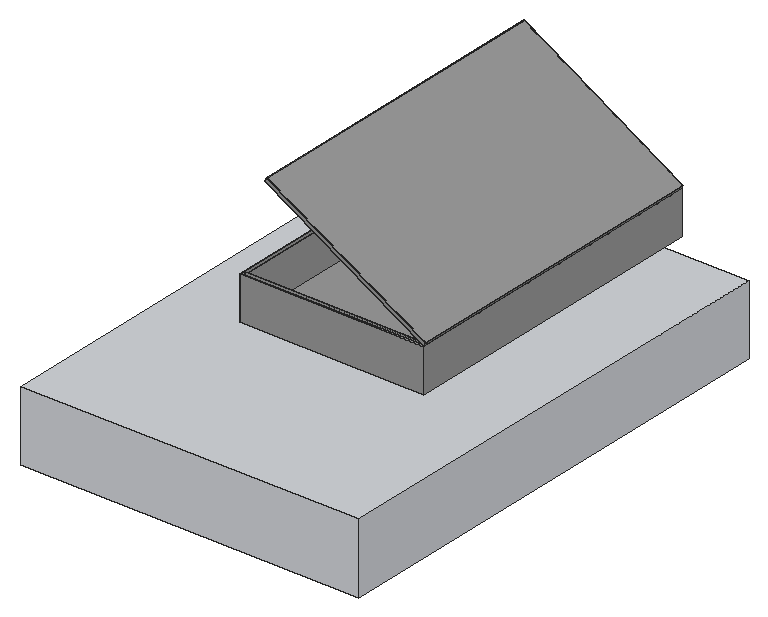
Revit family "Hager-Univers-IP44-D205-H1400-Cl.I-Encl-PL-en", category Equipement électrique, Revit 2020
Family settings
  Hôte = Face
  Configuration du panneau = Deux colonnes, circuits au sein
  Cote de connecteur circulaire = Utiliser le diamètre
  Type d'élément = Tableau de raccordement
  Couper avec des vides une fois chargée = Non
  Partagée = Non
  Point de calcul de pièce = Non
Parameters (values of type "Surface mounted (plaster) IP44 W800 H1400 D205  - FP93TN2")
  Width Control [instance] = if([EF000008 - Width] > Min Width, [EF000008 - Width], Min Width)  # 800 mm
  Commentaires du type = [HG000003 - Range]  # "Univers"
  Thickness Door [instance] = if([EF009171 - Material plate thickness door/cover] > 3 mm, 3 mm, [EF009171 - Material plate thickness door/cover])  # 1 mm
  Seal Frame Offset [instance] = 17 mm  # constant formula
  Plinth Visibility [instance] = [HG000027 - Plinth height] > 0 mm  # no
  Model = ""
  Min Width [instance] = 100 mm  # constant formula
  Min Height [instance] = 100 mm  # constant formula
  Min Depth [instance] = (2 * [EF009170 - Material plate thickness cabinet]) + 1 mm  # 3 mm
  Internal Frame Depth [instance] = (Door System Depth * 0.5)  # 9 mm
  Height Control [instance] = if([EF000040 - Height] > Min Height, [EF000040 - Height], Min Height)  # 1400 mm
  HG000027 - Plinth height = 0 mm
  HG000026 - Floor standing = no
  HG000024 - Bottom section height = 800 mm
  HG000023 - Double section enclosure = no
  HG000016 - Door 3d visibility [instance] = yes
  HG000015 - Clearance visibility [instance] = no
  HG000014 - Door on the right [instance] = yes
  HG000013 - Door on the left [instance] = not([HG000014 - Door on the right])  # no
  HG000012 - Door swing angle [instance] = 30.00°
  HG000010 - Asymmetric doors = no
  HG000009 - Double swing door = no
  HG000006 - Flush mounted = no
  HG000004 - Manufacturer reference = "FP93TN2"
  HG000003 - Range = "Univers"
  HG000002 - With door or cover = yes
  Frame Offset Bottom [instance] = 10 mm  # constant formula
  Frame Offset [instance] = 15 mm  # constant formula
  EF015940 - Cover with overpressure release = no
  EF011959 - Degree of protection (NEMA) = ""
  EF009554 - Number of openings for flange plates = 6
  EF009212 - Cover model = "EV000116 - Closed"
  EF009171 - Material plate thickness door/cover = 1 mm
  EF009170 - Material plate thickness cabinet = 1 mm
  Fabricant = "Hager"  # constant formula
  EF008873 - Nominal current (In) = 250 A
  EF007800 - Suitable for lightning protection = no
  EF006306 - With lock = no
  EF006244 - Transparent cover/door = no
  EF005474 - Degree of protection (IP) = "EV006418 - IP44"
  EF004464 - Type of door = "EV002646 - Single"
  EF004427 - Number of modules = 324
  EF004293 - Impact strength = "EV006815 - IK09"
  EF003532 - Suitable for outdoor use = no
  EF002950 - Width in number of modular spacings = 36
  EF001613 - Circuit integrity = "EV000494 - None"
  EF001596 - Material housing = "EV000179 - Steel"
  EF001131 - Internal depth = 130 mm
  EF001088 - Extension possible = yes
  EF000437 - Number of conduit inlets = 6
  EF000339 - Type of cover = "EV001012 - Cover"
  EF000266 - Number of rows = 9
  EF000218 - Built-in depth = 205 mm
  EF000118 - With mounting plate = no
  EF000116 - RAL-number = "9010"
  EF000049 - Depth = 205 mm
  EF000040 - Height = 1400 mm
  EF000008 - Width = 800 mm
  EF000007 - Colour = "EV000202 - White"
  EF000003 - Mounting method = "EV000384 - Surface mounted (plaster)"
  Door System Leaf Tolerance [instance] = 1.5 mm  # constant formula
  Door System Depth [instance] = 18 mm  # constant formula
  Door Height [instance] = Height Control - [HG000027 - Plinth height]  # 1400 mm
  Depth Control [instance] = if([EF000049 - Depth] > Min Depth, [EF000049 - Depth], Min Depth)  # 205 mm
  Default Elevation = 0 mm
  Connector Offset [instance] = Height Control / 2  # 700 mm
  Bottom Top Plate Trim [instance] = 1.5 mm  # constant formula
  Plinth height Ctrl [instance] = if([HG000027 - Plinth height] > 0 mm, [HG000027 - Plinth height], 12 mm)  # 12 mm
Types (4, lengths in mm): name | Width Control | HG000010 - Asymmetric doors | HG000009 - Double swing door | HG000004 - Manufacturer reference | EF009554 - Number of openings for flange plates | EF004464 - Type of door | EF004427 - Number of modules | EF002950 - Width in number of modular spacings | EF000437 - Number of conduit inlets | EF000008 - Width
  Surface mounted (plaster) IP44 W1300 H1400 D205  - FP95TN2 | 1300 | yes | yes | "FP95TN2" | 10 | "EV003602 - Double" | 540 | 60 | 10 | 1300
  Surface mounted (plaster) IP44 W300 H1400 D205  - FP91TN2 | 300 | no | no | "FP91TN2" | 2 | "EV002646 - Single" | 108 | 12 | 2 | 300
  Surface mounted (plaster) IP44 W550 H1400 D205  - FP92TN2 | 550 | no | no | "FP92TN2" | 4 | "EV002646 - Single" | 216 | 24 | 4 | 550
  Surface mounted (plaster) IP44 W800 H1400 D205  - FP93TN2 | 800 | no | no | "FP93TN2" | 6 | "EV002646 - Single" | 324 | 36 | 6 | 800
Reference planes
  plane 1 "Center (Front/Back)": y = 0
  plane 2: z = 0
  plane 3 "Center (Left/Right)": x = 0
  plane 4: z = 205
  plane 5: y = 1
  plane 6: y = 700
  plane 7: y = 0
  plane 8: y = 1400
  plane 9: z = 0
  plane 10: x = -385
  plane 11: x = 385
  plane 12: x = 384
  plane 13: x = -384
  plane 14: y = 1399
  plane 15: x = -383
  plane 16: x = -400
  plane 17: x = 383
  plane 18: x = 400
  plane 19: x = 399
  plane 20: x = -399
  plane 21: y = 11
  plane 22: y = 1400
  plane 23: y = 1384
  plane 24: z = 187
  plane 25: z = 1
  plane 26: z = 186
  plane 27: z = 204
Forms (mm)
  Extrusion 1, solid
    sketch origin (0, 0, 0) x (1, 0, 0) y (0, 1, 0)
      loop
        line (-702.964, 1305) -> (-702.964, -811.445) -> (766.763, -811.445) -> (766.763, 1305) -> (-702.964, 1305)
    from 0 to -304.8
  Extrusion 2, solid, material "Hager_Steel_RAL7035_Light_Grey", visible <- "Plinth Visibility", detail levels medium+fine
    sketch origin (0, 0, 0) x (1, 0, 0) y (0, 1, 0)
      loop
        line (-400, 0) -> (400, 0) -> (400, 12) -> (-400, 12) -> (-400, 0)
    from 0 to 187
  Extrusion 3, solid, material "Hager_Steel_RAL7035_Light_Grey", detail levels medium+fine
    sketch origin (0, 0, 0) x (1, 0, 0) y (0, 1, 0)
      loop
        line (-400, 0) -> (400, 0) -> (400, 1400) -> (-400, 1400) -> (-400, 0)
    from 0 to 187
  Extrusion 4, void
    sketch origin (0, 0, 0) x (1, 0, 0) y (0, 1, 0)
      loop
        line (-399, 1) -> (399, 1) -> (399, 1399) -> (-399, 1399) -> (-399, 1)
    from 1 to 186
  Extrusion 5, void
    sketch origin (-381.607, -4572, 187) x (0, -1, 0) y (-1, 0, 0)
      loop
        line (-4583, 2.393) -> (-5956, 2.393) -> (-5956, -765.607) -> (-4583, -765.607) -> (-4583, 2.393)
    from 0 to 1 <- "EF009170 - Material plate thickness cabinet"
  Extrusion 6, solid, material "Hager_Steel_RAL7035_Light_Grey", detail levels fine
    sketch origin (0, 0, 187) x (1, 0, 0) y (0, 1, 0)
      loop
        line (-384, 1384) -> (-384, 11) -> (384, 11) -> (384, 1384) -> (-384, 1384)
      loop
        line (-385, 10) -> (385, 10) -> (385, 1385) -> (-385, 1385) -> (-385, 10)
    from 0 to 9 <- "Internal Frame Depth"
  Extrusion 7, solid, material "Hager_Steel_RAL7035_Light_Grey", detail levels coarse
    sketch origin (0, 0, 0) x (1, 0, 0) y (0, 1, 0)
      loop
        line (-400, 0) -> (400, 0) -> (400, 1400) -> (-400, 1400) -> (-400, 0)
    from 0 to 205
  Sweep 8, void
    path in 3D
      loop
        line (-400, 12, 0) -> (400, 12, 0) -> (400, 12, 187) -> (-400, 12, 187) -> (-400, 12, 0)
    profile origin (-400, 12, 93.5) x (-1, 0, 0) y (0, -1, 0)
      loop
        line (0, 0) -> (0, 1.5) -> (-1.5, 1.5)
        arc (-1.5, 1.5) -> (-1.061, 0.439) -> (0, 0) r 1.5
Cuts and joins
  Extrusion 4, Extrusion 5 cuts Extrusion 3
  Sweep 8 cuts Extrusion 2
Lines and regions (mm)
  Masking region 1
    outline origin (0, 0, 0) x (1, 0, 0) y (0, 0, 1)
      loop
        line (-400, 205) -> (-400, 0) -> (400, 0) -> (400, 205) -> (-400, 205)
  Masking region 2, detail levels medium+fine
    outline origin (0, 140, 0) x (0, 1, 0) y (0, 0, 1)
      loop
        line (-140, 0) -> (1260, 0) -> (1260, 187) -> (-140, 187) -> (-140, 0)
  Masking region 3, not visible, detail levels medium+fine
    outline origin (0, 297.922, 0) x (0, 1, 0) y (0, 0, 1)
      loop
        line (413.578, 0) -> (453.578, 0) -> (453.578, 194)
        arc (453.578, 194) -> (450.649, 201.071) -> (443.578, 204) r 10
        line (443.578, 204) -> (413.578, 204) -> (413.578, 0)
  Masking region 4, detail levels coarse
    outline origin (0, 0, 180) x (0, 1, 0) y (0, 0, 1)
      loop
        line (0, -180) -> (1400, -180) -> (1400, 25) -> (0, 25) -> (0, -180)
  Masking region 5, visible <- "Plinth Visibility", detail levels medium+fine
    outline origin (0, 52.24, 12.345) x (0, 0, -1) y (0, 1, 0)
      loop
        line (10.845, -40.24) -> (-173.155, -40.24)
        arc (-173.155, -40.24) -> (-173.594, -41.301) -> (-174.655, -41.74) r 1.5
        line (-174.655, -41.74) -> (-174.655, -52.24) -> (12.345, -52.24) -> (12.345, -41.74)
        arc (12.345, -41.74) -> (11.285, -41.301) -> (10.845, -40.24) r 1.5
  Masking region 6, detail levels medium+fine
    outline origin (-381.607, -4572, 187) x (-1, 0, 0) y (0, -1, 0)
      loop
        line (18.393, -5972) -> (18.393, -4572) -> (-781.607, -4572) -> (-781.607, -5972) -> (18.393, -5972)
  Masking region 7, visible <- "Plinth Visibility", detail levels medium+fine
    outline origin (-381.607, -4727, 187) x (-1, 0, 0) y (0, -1, 0)
      loop
        arc (16.893, -4739) -> (17.332, -4737.939) -> (18.393, -4737.5) r 1.5
        line (18.393, -4737.5) -> (18.393, -4727) -> (-781.607, -4727) -> (-781.607, -4737.5)
        arc (-781.607, -4737.5) -> (-780.546, -4737.939) -> (-780.107, -4739) r 1.5
        line (-780.107, -4739) -> (16.893, -4739)
  Masking region 8, detail levels coarse
    outline origin (-442.548, -4669.526, 187) x (-1, 0, 0) y (0, -1, 0)
      loop
        line (-42.548, -6069.526) -> (-42.548, -4669.526) -> (-842.548, -4669.526) -> (-842.548, -6069.526) -> (-42.548, -6069.526)
  sketch lines
    curve 1: line (-400, 12, 187) -> (-400, 12, 0)
    curve 2: line (400, 12, 187) -> (-400, 12, 187)
    curve 3: line (400, 12, 187) -> (400, 12, 0)
    curve 4: line (-400, 12, 0) -> (400, 12, 0)
Dimensions and locks
  "Depth Control": plane 4 to Extrusion 1
  "HG000027 - Plinth height": plane 1 "Center (Front/Back)" to plane 7
  "EF009170 - Material plate thickness cabinet": plane 5 to plane 7
  locked: connector elem to plane 3 "Center (Left/Right)"
  equal spacing: plane 8, plane 6, plane 7
  locked: connector elem to plane 6
  "EF009170 - Material plate thickness cabinet": plane 8 to plane 14
  "EF009170 - Material plate thickness cabinet": plane 10 to plane 13
  "EF009170 - Material plate thickness cabinet": plane 12 to plane 11
  "Frame Offset": plane 20 to plane 13
  "Frame Offset": plane 12 to plane 19
  "EF009170 - Material plate thickness cabinet": plane 16 to plane 20
  "EF009170 - Material plate thickness cabinet": plane 19 to plane 18
  "Seal Frame Offset": plane 16 to plane 15
  "Seal Frame Offset": plane 17 to plane 18
  "Frame Offset Bottom": plane 21 to plane 5
  "Frame Offset": plane 14 to plane 23
  equal spacing: plane 16, plane 3 "Center (Left/Right)", plane 18
  "Width Control": plane 16 to plane 18
  "EF009170 - Material plate thickness cabinet": plane 4 to plane 27
  "EF009170 - Material plate thickness cabinet": plane 24 to plane 26
  "EF009170 - Material plate thickness cabinet": plane 25 to level
  "Door System Depth": plane 4 to plane 24
  "Height Control": plane 1 "Center (Front/Back)" to Extrusion 7 sketch curve
  "Height Control": Masking region 4 sketch curve to plane 1 "Center (Front/Back)"
  "Height Control": plane 1 "Center (Front/Back)" to plane 22
  "Bottom Top Plate Trim": profile plane to Sweep 8 sketch curve
  "Bottom Top Plate Trim": Sweep 8 sketch curve to profile plane
  "Plinth height Ctrl": plane 1 "Center (Front/Back)" to Extrusion 2 sketch curve
  "Plinth height Ctrl": Masking region 5 sketch curve to plane 1 "Center (Front/Back)"
  "Plinth height Ctrl": plane 1 "Center (Front/Back)" to Masking region 7 sketch curve
  "Thickness Door": Extrusion 6 sketch curve to Extrusion 6 sketch curve  (x3)
  "Thickness Door": cut or joined group of Extrusion 3, Extrusion 4, Extrusion 5 to Extrusion 6 sketch curve
  radius of Masking region 3 sketch curve = 10 mm
  "Bottom Top Plate Trim": radius of Masking region 5 sketch curve  (x2)
  "Bottom Top Plate Trim": radius of Sweep 8 sketch curve
  "Bottom Top Plate Trim": radius of Masking region 7 sketch curve  (x2)
  aligned and locked: plane 2 to Extrusion 1
  aligned and locked: level to Extrusion 1
  aligned and locked: level to Masking region 1 sketch curve
  aligned and locked: Masking region 1 sketch curve to plane 18
  aligned and locked: Masking region 1 sketch curve to plane 16
  aligned and locked: plane 7 to Masking region 2 sketch curve
  aligned and locked: level to Masking region 3 sketch curve
  aligned and locked: Masking region 3 sketch curve to plane 27
  aligned and locked: level to Masking region 2 sketch curve
  aligned and locked: plane 1 "Center (Front/Back)" to Extrusion 2 sketch curve
  aligned and locked: Extrusion 3 sketch curve to plane 7
  aligned and locked: plane 16 to Extrusion 3 sketch curve
  aligned and locked: plane 18 to Extrusion 3 sketch curve
  aligned and locked: plane 20 to Extrusion 4 sketch curve
  aligned and locked: plane 19 to Extrusion 4 sketch curve
  aligned and locked: Extrusion 4 sketch curve to plane 5
  aligned and locked: Extrusion 4 to plane 25
  aligned and locked: plane 26 to Extrusion 4
  aligned and locked: plane 24 to Extrusion 3
  aligned and locked: Extrusion 5 sketch curve to plane 21
  aligned and locked: Extrusion 5 sketch curve to plane 13
  aligned and locked: Extrusion 5 sketch curve to plane 12
  aligned and locked: plane 18 to Extrusion 7 sketch curve
  aligned and locked: plane 1 "Center (Front/Back)" to Extrusion 7 sketch curve
  aligned and locked: plane 16 to Extrusion 7 sketch curve
  aligned and locked: plane 4 to Extrusion 7
  aligned and locked: Extrusion 7 to level
  aligned and locked: level to Masking region 4 sketch curve
  aligned and locked: Masking region 4 sketch curve to plane 1 "Center (Front/Back)"
  aligned and locked: Masking region 4 sketch curve to plane 4
  aligned and locked: nested 1 to level
  aligned and locked: nested 1 to plane 16
  aligned and locked: plane 8 to Extrusion 3 sketch curve
  aligned and locked: plane 23 to Extrusion 5 sketch curve
  aligned and locked: plane 14 to Extrusion 4 sketch curve
  aligned and locked: Masking region 2 sketch curve to plane 8
  aligned and locked: level to Masking region 5 sketch curve
  aligned and locked: plane 16 to Extrusion 2 sketch curve
  aligned and locked: plane 18 to Extrusion 2 sketch curve
  aligned and locked: Masking region 5 sketch curve to plane 24
  aligned and locked: Masking region 2 sketch curve to plane 24
  aligned and locked: plane 24 to Extrusion 2
  aligned and locked: profile plane to Sweep 8 sketch curve  (x2)
  aligned and locked: Masking region 6 sketch curve to plane 18
  aligned and locked: Masking region 6 sketch curve to plane 22
  aligned and locked: Masking region 6 sketch curve to plane 16
  aligned and locked: plane 8 to plane 22
  aligned and locked: Masking region 6 sketch curve to plane 7
  aligned and locked: Masking region 7 sketch curve to plane 16
  aligned and locked: Masking region 7 sketch curve to plane 1 "Center (Front/Back)"
  aligned and locked: Masking region 7 sketch curve to plane 18
  aligned and locked: Masking region 8 sketch curve to plane 1 "Center (Front/Back)"
  aligned and locked: Masking region 8 sketch curve to plane 18
  aligned and locked: Masking region 8 sketch curve to plane 22
  aligned and locked: Masking region 8 sketch curve to plane 16
  aligned and locked: nested 2 to plane 7
  aligned and locked: plane 3 "Center (Left/Right)" to nested 2
  aligned and locked: nested 2 to plane 24
  aligned and locked: Extrusion 6 sketch curve to cut or joined group of Extrusion 3, Extrusion 4, Extrusion 5  (x4)
Automatic sketch dimensions
  Extrusion 1 sketch curve to Extrusion 1 sketch curve = 1469.727 mm
  Extrusion 1 sketch curve to Extrusion 1 sketch curve = 2116.445 mm
  Masking region 1 sketch curve to plane 4 = 0 mm
  plane 6 to Masking region 3 sketch curve = 11.5 mm
  Masking region 3 sketch curve to Masking region 3 sketch curve = 30 mm
  Masking region 5 sketch curve to plane 1 "Center (Front/Back)" = 0 mm
Nested families
  nested 1: "Hager_Enclosure_Symbol" at (-400, 0, 0) x (1, 0, 0) z (0, -1, 0), Height <- "Depth Control", Width <- "Width Control", type "Hager_Enclosure_Symbol"
    with Width_Ctrl 800 mm, Width 800 mm, Height_Ctrl 205 mm, Height 205 mm, A_Width_Int 13.453 mm, A_Width 161.438 mm, A_Height_Ctrl 179.375 mm, A_Height 179.375 mm
  nested 2: "EC000058_Univers_Door" at (0, 0, 187) x (1, 0, 0) z (0, 1, 0), Leaf_Tolerance <- "Door System Leaf Tolerance", Angle <- "HG000012 - Door swing angle", Door_Depth <- "Door System Depth", Door_Left <- "HG000013 - Door on the left", Transparent <- "EF006244 - Transparent cover/door", Assymetrical <- "HG000010 - Asymmetric doors", Width <- "Width Control", Clearance <- "HG000015 - Clearance visibility", Double <- "HG000009 - Double swing door", 3d_Door <- "HG000016 - Door 3d visibility", Lock_Visibility <- "EF006306 - With lock", Width_Ctrl <- "Width Control", Door_Right <- "HG000014 - Door on the right", Door <- "HG000002 - With door or cover", Height <- "Door Height", Thickness <- "Thickness Door", type "EC000058_Univers_Door", detail levels medium+fine
    with min_wh 3 mm, Width_Ctrl 800 mm, Width 800 mm, Transparent no, Thickness 1 mm, Seal_Material Hager_Rubber, Lock_Visibility no, Lock_Material Hager_Plastic_RAL9005_Jet_Black, Leaf_Width 800 mm, Leaf_Tolerance_External_Sides 0 mm, Leaf_Tolerance 1.5 mm, Leaf_Offset 0 mm, Leaf_Height 1397 mm, Leaf_2_Width 800 mm, Leaf_2_Offset 400 mm, Leaf_1_Width 800 mm, Leaf_1_Offset 400 mm, Height_Ctrl 1400 mm, Height 1400 mm, Glass_Material Hager_Glass, Double_Clearance_Ctrl no, Double no, Door_Right_Ctrl yes, Door_Right yes, Door_Material Hager_Steel_RAL7035_Light_Grey, Door_Left_Ctrl no, Door_Left no, Door_Depth 18 mm, Door yes, Clearance_Material Hager_Clearance, Clearance_Depth 800 mm, Clearance_Ctrl no, Clearance no, Assymetrical no, Angle 30.00°, 3d_Door yes
Connectors
  electrical at (0, 700, 0)
    settings: on plane 9, index 1, voltage 0 V, apparent load 0 VA, apparent load phase1 0 VA, apparent load phase2 0 VA, apparent load phase3 0 VA, power factor 1, load classification "Other", number of poles 1, system type 30, power factor state 1, is connector primary yes, connector utility no, sub classification motor no, connector description ""
Definition of nested family "EC000058_Univers_Door"
  Parameters (values of type "EC000058_Univers_Door")
    min_wh [instance] = (2 * Thickness) + 1 mm  # 11 mm
    Width_Ctrl [instance] = 400 mm
    Width [instance] = 500 mm
    Transparent [instance] = yes
    Thickness [instance] = 5 mm
    Seal_Material [instance] = none
    Lock_Visibility [instance] = yes
    Lock_Material [instance] = none
    Leaf_Width [instance] = if((Width_Ctrl - 2 * Leaf_Tolerance_External_Sides) > 0 mm, (Width_Ctrl - 2 * Leaf_Tolerance_External_Sides), min_wh)  # 400 mm
    Leaf_Tolerance_External_Sides [instance] = 0 mm  # constant formula
    Leaf_Tolerance [instance] = 1.5 mm
    Leaf_Offset [instance] = 0 mm  # constant formula
    Leaf_Height [instance] = if((Height_Ctrl - 2 * Leaf_Tolerance) > 0 mm, (Height_Ctrl - 2 * Leaf_Tolerance), min_wh)  # 497 mm
    Leaf_2_Width [instance] = if(and(and(Double, Assymetrical), Door_Left), (Leaf_Width / 3) - (Leaf_Tolerance / 2), if(and(and(Double, Assymetrical), Door_Right), (Leaf_Width / 3) * 2 - (Leaf_Tolerance / 2), if(and(Double, not(Assymetrical)), (Leaf_Width / 2) - Leaf_Tolerance, Leaf_Width)))  # 400 mm
    Leaf_2_Offset [instance] = if(and(Double, Assymetrical), Leaf_2_Width / 2, if(and(Double, not(Assymetrical)), Leaf_Width / 4, Leaf_Width / 2))  # 200 mm
    Leaf_1_Width [instance] = if(and(and(Double, Assymetrical), Door_Right), (Leaf_Width / 3) - (Leaf_Tolerance / 2), if(and(and(Double, Assymetrical), Door_Left), (Width / 3) * 2 - (Leaf_Tolerance / 2), if(and(Double, not(Assymetrical)), (Leaf_Width / 2) - Leaf_Tolerance, Leaf_Width)))  # 400 mm
    Leaf_1_Offset [instance] = if(and(Double, Assymetrical), Leaf_1_Width / 2, if(and(Double, not(Assymetrical)), Leaf_Width / 4, Leaf_Width / 2))  # 200 mm
    Height_Ctrl [instance] = if(Height > min_wh, Height, min_wh)  # 500 mm
    Height [instance] = 500 mm
    Glass_Material [instance] = none
    Double_Clearance_Ctrl [instance] = and(Double, Clearance)  # no
    Double [instance] = no
    Door_Right_Ctrl [instance] = and(or(Door_Right, Double), Door)  # yes
    Door_Right [instance] = yes
    Door_Material [instance] = none
    Door_Left_Ctrl [instance] = and(or(Door_Left, Double), Door)  # no
    Door_Left [instance] = no
    Door_Depth [instance] = 30 mm
    Door [instance] = yes
    Default Elevation = 1219.2 mm
    Clearance_Material [instance] = none
    Clearance_Depth [instance] = if(Leaf_1_Width > Leaf_2_Width, Leaf_1_Width, Leaf_2_Width)  # 400 mm
    Clearance_Ctrl [instance] = and(not(Double), Clearance)  # yes
    Clearance [instance] = yes
    Assymetrical [instance] = yes
    Angle [instance] = 30.00°
    3d_Door [instance] = yes
  Reference planes
    plane 1 "Center (Front/Back)": y = 0
    plane 2 "Bottom": z = 0
    plane 3 "Center (Left/Right)": x = 0
    plane 4: z = 500
    plane 5: x = -200
    plane 6: x = 200
    plane 7: z = 500
    plane 8: x = -200
    plane 9: z = 0
    plane 10: x = 200
    plane 11: y = 0
    plane 12: z = 1.5
    plane 13: x = -600
    plane 14: y = -400
    plane 15: x = 600
    plane 16: x = 0
    plane 17: x = 0
    plane 18: x = -200
    plane 19: x = 200
    plane 20: z = 498.5
  Forms (mm)
    Extrusion 1, solid, material <- "Clearance_Material", visible <- "Double_Clearance_Ctrl"
      sketch origin (1200, 0, 0) x (1, 0, 0) y (0, 0, -1)
        loop
          line (-1800, -498.5) -> (-600, -498.5) -> (-600, 0) -> (-1800, 0) -> (-1800, -498.5)
      from 0 to -400
  Dimensions and locks
    equal spacing: plane 5, plane 3 "Center (Left/Right)", plane 6
    "Width_Ctrl": plane 5 to plane 6
    "Leaf_Offset": plane 5 to plane 8
    "Leaf_Offset": plane 6 to plane 10
    "Leaf_Offset": plane 9 to level
    "Leaf_Offset": plane 4 to plane 7
    "Height_Ctrl": plane 4 to level
    "Leaf_Tolerance": plane 12 to plane 9
    locked: plane 11 to plane 1 "Center (Front/Back)"
    "Leaf_1_Offset": plane 18 to plane 16
    "Leaf_2_Offset": plane 17 to plane 19
    "Leaf_1_Width": plane 13 to plane 8
    "Leaf_2_Width": plane 10 to plane 15
    "Clearance_Depth": plane 14 to plane 1 "Center (Front/Back)"
    "Leaf_Tolerance_External_Sides": plane 8 to plane 18
    "Leaf_Tolerance_External_Sides": plane 19 to plane 10
    "Leaf_Tolerance": plane 7 to plane 20
    aligned and locked: level to plane 2 "Bottom"
    aligned and locked: nested 1 to plane 16
    aligned and locked: nested 2 to plane 17
    aligned and locked: Extrusion 1 to plane 13
    aligned and locked: plane 15 to Extrusion 1
    aligned and locked: Extrusion 1 to plane 14
    aligned and locked: plane 12 to nested 1
    aligned and locked: nested 2 to plane 12
    aligned and locked: Extrusion 1 to plane 11
    aligned and locked: plane 20 to Extrusion 1
    aligned and locked: nested 2 to plane 11
    aligned and locked: nested 1 to plane 11
  Automatic sketch dimensions
    Extrusion 1 sketch curve to level = 0 mm
    plane 5 to Extrusion 1 sketch curve = 400 mm
    plane 6 to Extrusion 1 sketch curve = 400 mm
    Extrusion 1 sketch curve to plane 4 = 1.5 mm
  Nested families
    nested 1: "EC000058_Univers_Door_Leaf" at (0, 0, 1.5), Width <- "Leaf_1_Width", visible <- "Door_Left_Ctrl", Leaf_Height <- "Leaf_Height", Angle <- "Angle", 3d_Door <- "3d_Door", Transparent <- "Transparent", Clearance Material <- "Clearance_Material", Clearance <- "Clearance_Ctrl", Door_Material <- "Door_Material", Glass_Material <- "Glass_Material", Door_Depth <- "Door_Depth", Lock_Material <- "Lock_Material", Seal_Material <- "Seal_Material", Lock_Visibility <- "Lock_Visibility", Thickness <- "Thickness", type "EC000058_Univers_Door_Leaf"
      with Width 400 mm, Transparent_Glass_Offset 30 mm, Transparent_Ctrl yes, Transparent yes, Thickness 5 mm, Standard no, Seal_Material none, Seal_D2 8 mm, Seal_D1 1 mm, Offset_Internal_Frame 10 mm, Lock_Width 20 mm, Lock_Visibility_3d yes, Lock_Visibility yes, Lock_Thickness_3 3 mm, Lock_Thickness_2 1 mm, Lock_Thickness_1 3 mm, Lock_Radius_Offset_2 16 mm, Lock_Radius_Offset_1 15 mm, Lock_Radius_2 5 mm, Lock_Radius 6 mm, Lock_Offset 5 mm, Lock_Material none, Lock_Height 80 mm, Lock_Cover_Top_Offset_2d 17 mm, Lock_Cover_Height -65 mm, Leaf_Height 497 mm, Internal_Seal_Thickness 8 mm, Internal_Seal_Depth_2 4.5 mm, Internal_Frame_Depth 25 mm, Glass_Thickness -1 mm, Glass_Offset -2 mm, Glass_Material none, Door_Material none, Door_Depth 30 mm, Clearance Material none, Clearance yes, Angle_Ctrl 30.00°, Angle 30.00°, 3d_Door yes
    nested 2: "EC000058_Univers_Door_Leaf" at (0, 0, 1.5) x (-1, 0, 0) z (0, 0, 1), Width <- "Leaf_2_Width", visible <- "Door_Right_Ctrl", Leaf_Height <- "Leaf_Height", Angle <- "Angle", 3d_Door <- "3d_Door", Transparent <- "Transparent", Clearance Material <- "Clearance_Material", Clearance <- "Clearance_Ctrl", Door_Material <- "Door_Material", Glass_Material <- "Glass_Material", Door_Depth <- "Door_Depth", Lock_Material <- "Lock_Material", Seal_Material <- "Seal_Material", Lock_Visibility <- "Lock_Visibility", Thickness <- "Thickness", type "EC000058_Univers_Door_Leaf"
      with Width 400 mm, Transparent_Glass_Offset 30 mm, Transparent_Ctrl yes, Transparent yes, Thickness 5 mm, Standard no, Seal_Material none, Seal_D2 8 mm, Seal_D1 1 mm, Offset_Internal_Frame 10 mm, Lock_Width 20 mm, Lock_Visibility_3d yes, Lock_Visibility yes, Lock_Thickness_3 3 mm, Lock_Thickness_2 1 mm, Lock_Thickness_1 3 mm, Lock_Radius_Offset_2 16 mm, Lock_Radius_Offset_1 15 mm, Lock_Radius_2 5 mm, Lock_Radius 6 mm, Lock_Offset 5 mm, Lock_Material none, Lock_Height 80 mm, Lock_Cover_Top_Offset_2d 17 mm, Lock_Cover_Height -65 mm, Leaf_Height 497 mm, Internal_Seal_Thickness 8 mm, Internal_Seal_Depth_2 4.5 mm, Internal_Frame_Depth 25 mm, Glass_Thickness -1 mm, Glass_Offset -2 mm, Glass_Material none, Door_Material none, Door_Depth 30 mm, Clearance Material none, Clearance yes, Angle_Ctrl 30.00°, Angle 30.00°, 3d_Door yes
  Definition of nested family "EC000058_Univers_Door_Leaf"
    Parameters (values of type "EC000058_Univers_Door_Leaf")
      Width [instance] = 2000 mm
      Transparent_Glass_Offset [instance] = 30 mm
      Transparent_Ctrl [instance] = and(Transparent, [3d_Door])  # yes
      Transparent [instance] = yes
      Thickness [instance] = 5 mm
      Standard [instance] = and(not(Transparent), [3d_Door])  # no
      Seal_Material [instance] = none
      Seal_D2 [instance] = 8 mm  # constant formula
      Seal_D1 [instance] = 1 mm  # constant formula
      Offset_Internal_Frame [instance] = 10 mm  # constant formula
      Lock_Width [instance] = 20 mm  # constant formula
      Lock_Visibility_3d [instance] = and(Lock_Visibility, [3d_Door])  # yes
      Lock_Visibility [instance] = yes
      Lock_Thickness_3 [instance] = 3 mm  # constant formula
      Lock_Thickness_2 [instance] = 1 mm  # constant formula
      Lock_Thickness_1 [instance] = 3 mm  # constant formula
      Lock_Radius_Offset_2 [instance] = Lock_Radius_Offset_1 + 1 mm  # 16 mm
      Lock_Radius_Offset_1 [instance] = 15 mm  # constant formula
      Lock_Radius_2 [instance] = Lock_Radius - 1 mm  # 5 mm
      Lock_Radius [instance] = 6 mm  # constant formula
      Lock_Offset [instance] = 5 mm  # constant formula
      Lock_Material [instance] = none
      Lock_Height [instance] = 80 mm  # constant formula
      Lock_Cover_Top_Offset_2d [instance] = Lock_Radius_Offset_2 + 1 mm  # 17 mm
      Lock_Cover_Height [instance] = -(Lock_Height - Lock_Radius_Offset_1)  # -65 mm
      Leaf_Height [instance] = 2720.336 mm
      Internal_Seal_Thickness [instance] = 8 mm  # constant formula
      Internal_Seal_Depth_2 [instance] = 4.5 mm  # constant formula
      Internal_Frame_Depth [instance] = if(Door_Depth - Thickness > 5 mm, Door_Depth - Thickness, 5 mm)  # 25 mm
      Glass_Thickness [instance] = if(Thickness > 15 mm, Glass_Offset + 10 mm, -1 mm)  # -1 mm
      Glass_Offset [instance] = if(Thickness > 15 mm, -(Thickness + 10 mm) / 2, -2 mm)  # -2 mm
      Glass_Material [instance] = none
      Door_Material [instance] = none
      Door_Depth [instance] = 30 mm
      Default Elevation = 0 mm
      Clearance Material [instance] = none
      Clearance [instance] = yes
      Angle_Ctrl [instance] = if(Angle > 180.00°, 180.00°, Angle)  # 90.00°
      Angle [instance] = 90.00°
      3d_Door [instance] = yes
    Reference planes
      plane 1 "Center (Front/Back)": y = 0
      plane 2: z = 0
      plane 3 "Center (Left/Right)": x = 0
      plane 4: y = 2000
      plane 5: x = -1000
      plane 6: x = 1000
      plane 7: x = -3000
      plane 8: z = 2720.336
      plane 9: z = 30
      plane 10: z = 2690.336
      plane 11: x = 970
      plane 12: x = -970
      plane 13: y = -3
      plane 14: z = 107.833
      plane 15: y = -5
      plane 16: y = -223.314
      plane 17: x = -1000
      plane 18: z = 1360.168
      plane 19: y = 30
    Forms (mm)
      Extrusion 1, solid, material <- "Clearance Material", visible <- "Clearance"
        sketch origin (0, 0, 0) x (1, 0, 0) y (0, 0, 1)
          loop
            line (-3000, 2720.336) -> (-3000, 0) -> (1000, 0) -> (1000, 2720.336) -> (-3000, 2720.336)
        from 0 to -2000
      Extrusion 2, solid, material <- "Door_Material", visible <- "Standard", detail levels medium+fine
        sketch origin (-1000, 0, 0) x (0, 1, 0) y (-1, 0, 0)
          loop
            line (0, 30) -> (0, 25) -> (2000, 25) -> (2000, 30) -> (0, 30)
        from 0 to 2720.336 <- "Leaf_Height"
      Extrusion 3, solid, material <- "Door_Material", visible <- "Transparent_Ctrl", detail levels medium+fine
        sketch origin (-1000, 0, 0) x (0, 1, 0) y (-1, 0, 0)
          loop
            line (0, 25) -> (2000, 25) -> (2000, 30) -> (0, 30) -> (0, 25)
        from 0 to 2720.336 <- "Leaf_Height"
      Extrusion 4, void
        sketch origin (-1025, 2000, 0) x (0, 1, 0) y (0, 0, -1)
          loop
            line (-30, -2690.336) -> (-30, -30) -> (-1970, -30) -> (-1970, -2690.336) -> (-30, -2690.336)
        from 0 to 5 <- "Thickness"
      Sweep 5, solid, material <- "Seal_Material", visible <- "Transparent_Ctrl", detail levels fine
        path in 3D
          loop
            line (-1025, 30, 30) -> (-1025, 30, 2690.336) -> (-1025, 1970, 2690.336) -> (-1025, 1970, 30) -> (-1025, 30, 30)
        profile origin (-1025, 1000, 30) x (1, 0, 0) y (0, 0, 1)
          loop
            line (0, 0) -> (0, -8) -> (1, -8) -> (1, 0) -> (0, 0)
      Extrusion 6, solid, material <- "Glass_Material", visible <- "Transparent_Ctrl", detail levels medium+fine
        sketch origin (-1030, 0, 0) x (0, 1, 0) y (0, 0, -1)
          loop
            line (1970, -2690.336) -> (1970, -30) -> (30, -30) -> (30, -2690.336) -> (1970, -2690.336)
        from -2 <- "Glass_Offset" to -1 <- "Glass_Thickness"
      Extrusion 7, solid, material <- "Door_Material", visible <- "3d_Door", detail levels medium+fine
        sketch origin (-1025, 2000, 0) x (0, -1, 0) y (0, 0, -1)
          loop
            line (0, -2720.336) -> (2000, -2720.336) -> (2000, 0) -> (0, 0) -> (0, -2720.336)
          loop
            line (1995, -5) -> (5, -5) -> (5, -2715.336) -> (1995, -2715.336) -> (1995, -5)
        from 0 to 25 <- "Internal_Frame_Depth"
      Sweep 8, solid, material <- "Seal_Material", visible <- "Transparent_Ctrl", detail levels fine
        path in 3D
          loop
            line (-1025, 0, 0) -> (-1025, 2000, 0) -> (-1025, 2000, 2720.336) -> (-1025, 0, 2720.336) -> (-1025, 0, 0)
        profile origin (-1025, 0, 1360.168) x (1, 0, 0) y (0, 1, 0)
          loop
            line (0, 10) -> (2.975, 10)
            arc (2.975, 10) -> (4.053, 10.447) -> (4.5, 11.525) r 1.525
            line (4.5, 11.525) -> (4.5, 16.527)
            arc (4.5, 16.527) -> (4.069, 17.569) -> (3.027, 18) r 1.473
            line (3.027, 18) -> (0, 18) -> (0, 10)
      Extrusion 9, solid, material <- "Lock_Material", visible <- "Lock_Visibility_3d", detail levels fine
        sketch origin (-1030, 0, 0) x (0, 1, 0) y (0, 0, -1)
          loop
            arc (1993.5, -1400.168) -> (1994.561, -1399.729) -> (1995, -1398.668) r 1.5
            line (1995, -1398.668) -> (1995, -1320.168) -> (1975, -1320.168) -> (1975, -1398.668)
            arc (1975, -1398.668) -> (1975.439, -1399.729) -> (1976.5, -1400.168) r 1.5
            line (1976.5, -1400.168) -> (1993.5, -1400.168)
        from 3 <- "Lock_Thickness_1" to 0
      Blend 10, solid, material <- "Lock_Material", visible <- "Lock_Visibility_3d", detail levels fine
        base sketch origin (-1033, 0, 0) x (0, 1, 0) y (0, 0, -1)
          loop
            line (1975, -1320.168) -> (1975, -1398.668)
            arc (1975, -1398.668) -> (1975.439, -1399.729) -> (1976.5, -1400.168) r 1.5
            line (1976.5, -1400.168) -> (1993.5, -1400.168)
            arc (1993.5, -1400.168) -> (1994.561, -1399.729) -> (1995, -1398.668) r 1.5
            line (1995, -1398.668) -> (1995, -1320.168) -> (1975, -1320.168)
        top sketch origin (-1033, 0, 0) x (0, 1, 0) y (0, 0, -1)
          loop
            line (1976, -1320.168) -> (1976, -1398.668)
            arc (1976, -1398.668) -> (1976.146, -1399.022) -> (1976.5, -1399.168) r 0.5
            line (1976.5, -1399.168) -> (1993.5, -1399.168)
            arc (1993.5, -1399.168) -> (1993.854, -1399.022) -> (1994, -1398.668) r 0.5
            line (1994, -1398.668) -> (1994, -1320.168) -> (1976, -1320.168)
        from 0 to 1 <- "Lock_Thickness_2"
      Blend 11, solid, material <- "Lock_Material", visible <- "Lock_Visibility_3d", detail levels fine
        base sketch origin (-1034, 0, 0) x (0, 1, 0) y (0, 0, -1)
          loop
            line (1978, -1320.168) -> (1978, -1384.168)
            arc (1978, -1384.168) -> (1985, -1391.168) -> (1992, -1384.168) r 7
            line (1992, -1384.168) -> (1992, -1320.168) -> (1978, -1320.168)
        top sketch origin (-1034, 0, 0) x (0, 1, 0) y (0, 0, -1)
          loop
            line (1991, -1320.168) -> (1979, -1320.168) -> (1979, -1383.168)
            arc (1979, -1383.168) -> (1985, -1389.168) -> (1991, -1383.168) r 6
            line (1991, -1383.168) -> (1991, -1320.168)
        from 0 to 3 <- "Lock_Thickness_3"
      Extrusion 12, solid, material <- "Lock_Material", visible <- "Lock_Visibility_3d", detail levels fine
        sketch origin (-1030, 1975, 1320.168) x (1, 0, 0) y (0, -1, 0)
          loop
            line (-7, -19) -> (-7, -1) -> (0, -1) -> (0, 0) -> (-8, 0) -> (-8, -20) -> (0, -20) -> (0, -19) -> (-7, -19)
        from 0 to -65 <- "Lock_Cover_Height"
      Extrusion 13, void
        sketch origin (-1038, 1995, 1320.168) x (-1, 0, 0) y (0, 0, -1)
          loop
            line (-5, -65) -> (0, -65) -> (-5, -60) -> (-5, -65)
        from 0 to 20 <- "Lock_Width"
      Extrusion 14, void
        sketch origin (-1038, 1975, 1320.168) x (0, -1, 0) y (0, 0, -1)
          loop
            circle (-10, -15.995) r 6
          loop
            circle (-10, -15.995) r 5
        from 0 to 2
      Extrusion 15, solid, material <- "Lock_Material", visible <- "Lock_Visibility_3d", detail levels medium
        sketch origin (-1030, 0, 0) x (0, 1, 0) y (0, 0, -1)
          loop
            arc (1993.5, -1400.168) -> (1994.561, -1399.729) -> (1995, -1398.668) r 1.5
            line (1995, -1398.668) -> (1995, -1320.168) -> (1975, -1320.168) -> (1975, -1398.668)
            arc (1975, -1398.668) -> (1975.439, -1399.729) -> (1976.5, -1400.168) r 1.5
            line (1976.5, -1400.168) -> (1993.5, -1400.168)
        from 8 to 0
    Cuts and joins
      Extrusion 4 cuts Extrusion 3
      Extrusion 13, Extrusion 14 cuts Extrusion 9
      Extrusion 14 cuts Blend 11
      Extrusion 13, Extrusion 14 cuts Extrusion 12
      joined: Extrusion 9, Blend 10, Blend 11, Extrusion 12
      Extrusion 14 cuts Extrusion 15
    Lines and regions (mm)
      Masking region 1, visible <- "Lock_Visibility", detail levels fine
        outline origin (0, 0, 0) x (0, 1, 0) y (0, 0, 1)
          loop
            line (30, 1320.168) -> (33, 1320.168) -> (33, 1400.168) -> (30, 1400.168) -> (30, 1320.168)
      Masking region 2, visible <- "Lock_Visibility", detail levels fine
        outline origin (0, 3.143, 0) x (0, 1, 0) y (0, 0, 1)
          loop
            line (29.857, 1354.168) -> (30.857, 1354.168) -> (30.857, 1366.168) -> (29.857, 1366.168) -> (29.857, 1354.168)
      Masking region 3, detail levels medium+fine
        outline origin (0, 0, 0) x (0, 1, 0) y (0, 0, 1)
          loop
            line (0, 0) -> (30, 0) -> (30, 2720.336) -> (0, 2720.336) -> (0, 0)
      Masking region 4, detail levels medium+fine
        outline origin (0, 0, 0) x (1, 0, 0) y (0, 0, 1)
          loop
            line (-1000, 2720.336) -> (-1000, 0) -> (1000, 0) -> (1000, 2720.336) -> (-1000, 2720.336)
      Masking region 5, visible <- "Lock_Visibility", detail levels fine
        outline origin (-47.116, 0, 0) x (1, 0, 0) y (0, 0, 1)
          loop
            arc (1024.616, 1399.168) -> (1023.556, 1398.729) -> (1023.116, 1397.668) r 1.5
            line (1023.116, 1397.668) -> (1023.116, 1320.168) -> (1041.116, 1320.168) -> (1041.116, 1397.668)
            arc (1041.116, 1397.668) -> (1040.677, 1398.729) -> (1039.616, 1399.168) r 1.5
            line (1039.616, 1399.168) -> (1024.616, 1399.168)
      Masking region 6, visible <- "Lock_Visibility", detail levels medium+fine
        outline origin (-25, 0, 0) x (1, 0, 0) y (0, 0, 1)
          loop
            arc (1001.5, 1400.168) -> (1000.439, 1399.729) -> (1000, 1398.668) r 1.5
            line (1000, 1398.668) -> (1000, 1320.168) -> (1020, 1320.168) -> (1020, 1398.668)
            arc (1020, 1398.668) -> (1019.561, 1399.729) -> (1018.5, 1400.168) r 1.5
            line (1018.5, 1400.168) -> (1001.5, 1400.168)
      Masking region 7, visible <- "Lock_Visibility", detail levels fine
        outline origin (-73.735, 0, 0) x (1, 0, 0) y (0, 0, 1)
          loop
            line (1051.735, 1382.168) -> (1065.735, 1382.168) -> (1065.735, 1384.168)
            arc (1065.735, 1384.168) -> (1058.735, 1391.168) -> (1051.735, 1384.168) r 7
            line (1051.735, 1384.168) -> (1051.735, 1382.168)
      Masking region 8, visible <- "Lock_Visibility", detail levels fine
        outline origin (-73.735, 0, 0) x (1, 0, 0) y (0, 0, 1)
          loop
            line (1052.735, 1382.168) -> (1064.735, 1382.168) -> (1064.735, 1383.168)
            arc (1064.735, 1383.168) -> (1058.735, 1389.168) -> (1052.735, 1383.168) r 6
            line (1052.735, 1383.168) -> (1052.735, 1382.168)
      Masking region 9, visible <- "Lock_Visibility", detail levels fine
        outline origin (-25, 0, 0) x (1, 0, 0) y (0, 0, 1)
          loop
            line (1020, 1320.168) -> (1020, 1382.168) -> (1000, 1382.168) -> (1000, 1320.168) -> (1020, 1320.168)
      Masking region 10, detail levels medium+fine
        outline origin (0, 0, 0) x (1, 0, 0) y (0, 0, 1)
          loop
            circle (985, 1335.144) r 6
      Masking region 11, detail levels fine
        outline origin (0, 0, 0) x (1, 0, 0) y (0, 0, 1)
          loop
            circle (985, 1335.144) r 5
      Masking region 12, visible <- "Lock_Visibility", detail levels fine
        outline origin (0, 12.767, 0) x (0, 1, 0) y (0, 0, 1)
          loop
            line (20.233, 1320.168) -> (21.233, 1320.168) -> (21.233, 1399.168) -> (20.233, 1400.168) -> (20.233, 1320.168)
      Masking region 13, visible <- "Lock_Visibility", detail levels fine
        outline origin (0, 13.767, -10) x (0, 1, 0) y (0, 0, 1)
          loop
            line (20.233, 1330.168) -> (23.233, 1330.168) -> (23.233, 1399.168) -> (20.233, 1402.168) -> (20.233, 1330.168)
      Masking region 14, visible <- "Lock_Visibility", detail levels fine
        outline origin (0, 12.767, -10) x (0, 1, 0) y (0, 0, 1)
          loop
            line (20.233, 1330.168) -> (25.233, 1330.168) -> (25.233, 1399.305) -> (20.233, 1394.305) -> (20.233, 1330.168)
      Masking region 15, visible <- "Lock_Visibility", detail levels medium
        outline origin (0, 0, 0) x (0, 1, 0) y (0, 0, 1)
          loop
            line (30, 1320.168) -> (38, 1320.168) -> (38, 1400.168) -> (30, 1400.168) -> (30, 1320.168)
      Masking region 16, visible <- "Lock_Visibility", detail levels fine
        outline origin (-1000, 0, 0) x (0, 1, 0) y (-1, 0, 0)
          loop
            line (1975, 30) -> (1995, 30) -> (1995, 38) -> (1975, 38) -> (1975, 30)
          loop
            line (1979, 37) -> (1976, 37) -> (1976, 34) -> (1978, 34) -> (1979, 37)
          loop
            line (1994, 37) -> (1991, 37) -> (1992, 34) -> (1994, 34) -> (1994, 37)
      Masking region 17, visible <- "Lock_Visibility", detail levels medium
        outline origin (-1000, 0, 0) x (0, 1, 0) y (-1, 0, 0)
          loop
            line (1975, 30) -> (1995, 30) -> (1995, 38) -> (1975, 38) -> (1975, 30)
      symbolic lines
        curve 1: line (1000, 0, 0) -> (-3000, 0, 0)
        curve 2: arc (1000, 0, 0) -> (-1000, 2000, 0) -> (-3000, 0, 0) r 2000
        curve 4: line (-1030, 0, 0) -> (-1030, 2000, 0)
      reference lines
        curve 3: line (-1000, 0, 0) -> (-1000, 2000, 0)
      symbolic lines, detail levels medium+fine
        curve 5: line (-1030, 2000, 0) -> (-1025, 2000, 0)
        curve 7: line (-1025, 0, 0) -> (-1030, 0, 0)
        curve 8: line (-1025, 0, 0) -> (-1000, 0, 0)
        curve 9: line (-1000, 0, 0) -> (-1000, 2000, 0)
        curve 10: line (-1000, 2000, 0) -> (-1025, 2000, 0)
      symbolic lines, detail levels fine
        curve 6: line (-1025, 2000, 0) -> (-1025, 0, 0)
      sketch lines
        curve 11: line (-1025, 0, 2720.336) -> (-1025, 0, 0)
        curve 12: line (-1025, 2000, 0) -> (-1025, 0, 0)
        curve 13: line (-1025, 2000, 2720.336) -> (-1025, 2000, 0)
        curve 14: line (-1025, 0, 2720.336) -> (-1025, 2000, 2720.336)
        curve 15: line (-1025, 1970, 30) -> (-1025, 30, 30)
        curve 16: line (-1025, 30, 30) -> (-1025, 30, 2690.336)
        curve 17: line (-1025, 1970, 2690.336) -> (-1025, 1970, 30)
        curve 18: line (-1025, 30, 2690.336) -> (-1025, 1970, 2690.336)
      symbolic lines, visible <- "Transparent", detail levels medium+fine
        curve 19: line (-970, 0, 2690.336) -> (970, 0, 2690.336)
        curve 20: line (-970, 0, 30) -> (-970, 0, 2690.336)
        curve 21: line (970, 0, 30) -> (-970, 0, 30)
        curve 22: line (970, 0, 2690.336) -> (970, 0, 30)
    Dimensions and locks
      "Width": plane 1 "Center (Front/Back)" to plane 4
      equal spacing: plane 5, plane 3 "Center (Left/Right)", plane 6
      "Width": plane 5 to plane 6
      "Width": plane 7 to plane 5
      "Leaf_Height": plane 8 to level
      "Width": curve 5 to curve 3
      "Width": curve 3 to curve 3
      plane 8 to plane 10 = 30 mm
      plane 9 to level = 30 mm
      plane 12 to plane 5 = 30 mm
      plane 6 to plane 11 = 30 mm
      Extrusion 1 to Extrusion 4 sketch curve = 30 mm
      "Transparent_Glass_Offset": curve 3 to Extrusion 4 sketch curve
      "Transparent_Glass_Offset": Extrusion 4 sketch curve to cut or joined group of Extrusion 3, Extrusion 4  (x2)
      cut or joined group of Extrusion 3, Extrusion 4 to Extrusion 6 sketch curve = 30 mm
      "Transparent_Glass_Offset": cut or joined group of Extrusion 3, Extrusion 4 to Extrusion 4 sketch curve
      "Thickness": curve 6 to curve 4
      "Thickness": Extrusion 7 sketch curve to Extrusion 7 sketch curve  (x4)
      "Door_Depth": curve 4 to curve 3
      "Offset_Internal_Frame": profile plane to Sweep 8 sketch curve
      "Internal_Seal_Thickness": Sweep 8 sketch curve to Sweep 8 sketch curve
      "Internal_Seal_Depth_2": profile plane to Sweep 8 sketch curve
      "Seal_D1": profile plane to Sweep 5 sketch curve
      "Seal_D2": profile plane to Sweep 5 sketch curve
      "Thickness": Extrusion 2 sketch curve to Extrusion 2 sketch curve
      equal spacing: Extrusion 9 sketch curve, plane 18, Extrusion 9 sketch curve  (x2)
      equal spacing: Masking region 1 sketch curve, plane 18, Masking region 1 sketch curve
      "Lock_Height": Masking region 1 sketch curve to Masking region 1 sketch curve
      "Lock_Radius": Masking region 2 sketch curve to plane 18 to Masking region 2 sketch curve
      Masking region 2 sketch curve to Masking region 1 = 1 mm
      "Door_Depth": plane 19 to plane 1 "Center (Front/Back)"
      "Lock_Thickness_1": Masking region 1 sketch curve to plane 19
      "Lock_Width": Extrusion 9 sketch curve to Extrusion 9 sketch curve
      "Lock_Height": Extrusion 9 sketch curve to Extrusion 9 sketch curve
      "Lock_Offset": cut or joined group of Extrusion 3, Extrusion 4 to Extrusion 9 sketch curve
      equal spacing: plane 8, plane 18, level
      "Lock_Radius_Offset_1": Blend 11 sketch curve to Blend 10
      locked: Blend 10 to Blend 11 sketch curve at 2  (x2)
      locked: var sketch to Blend 11 sketch curve at 1  (x2)
      "Lock_Radius_Offset_2": Blend 11 sketch curve to Blend 10
      locked: Extrusion 12 sketch curve to Extrusion 12 sketch curve at 1  (x3)
      Masking region 6 sketch curve to Masking region 6 sketch curve = 80 mm
      "Lock_Height": Masking region 6 sketch curve to Masking region 6 sketch curve
      "Lock_Width": Masking region 6 sketch curve to Masking region 6 sketch curve
      locked: Masking region 6 to Masking region 5 sketch curve at 1  (x3)
      locked: Masking region 5 to Masking region 7 sketch curve at 2  (x2)
      "Lock_Radius_Offset_1": Masking region 5 to Masking region 7 sketch curve
      "Lock_Radius_Offset_2": Masking region 5 to Masking region 8 sketch curve
      locked: Masking region 7 to Masking region 8 sketch curve at 1  (x2)
      "Lock_Cover_Top_Offset_2d": Masking region 5 to Masking region 9 sketch curve
      equal spacing: Masking region 9, Masking region 10 sketch curve, Masking region 9
      equal spacing: Masking region 9, Masking region 11 sketch curve, Masking region 9
      Extrusion 15 sketch curve to Extrusion 15 sketch curve = 80 mm
      "Lock_Width": Extrusion 15 sketch curve to Extrusion 15 sketch curve
      "Lock_Height": Extrusion 15 sketch curve to Extrusion 15 sketch curve
      equal spacing: Extrusion 15 sketch curve, plane 18, Extrusion 15 sketch curve
      "Lock_Thickness_3": Masking region 13 sketch curve to Masking region 13 sketch curve
      "Lock_Height": Masking region 12 sketch curve to Masking region 12 sketch curve
      locked: Masking region 13 sketch curve to Masking region 1 at 8
      locked: Masking region 14 sketch curve to Masking region 13 at 1
      locked: Masking region 14 sketch curve to Masking region 1 at 10.863
      "Lock_Height": Masking region 15 sketch curve to Masking region 15 sketch curve
      "Lock_Offset": Extrusion 15 sketch curve to cut or joined group of Extrusion 3, Extrusion 4
      "Lock_Offset": plane 6 to Masking region 6 sketch curve
      radius of Sweep 8 sketch curve = 1.525 mm
      radius of Sweep 8 sketch curve = 1.473 mm
      radius of Extrusion 9 sketch curve = 1.5 mm  (x2)
      "Lock_Radius": radius of Extrusion 14 sketch curve
      "Lock_Radius_2": radius of Extrusion 14 sketch curve
      "Lock_Radius": radius of Masking region 10 sketch curve
      "Lock_Radius_2": radius of Masking region 11 sketch curve
      radius of Extrusion 15 sketch curve = 1.5 mm  (x2)
      "Angle_Ctrl": angle plane 1 "Center (Front/Back)" to curve 3
      locked: Masking region 12 sketch curve to Masking region 12 sketch curve (angle 45.00°)
      locked: Masking region 13 sketch curve to Masking region 13 sketch curve (angle 45.00°)
      locked: Masking region 14 sketch curve to Masking region 14 sketch curve (angle 45.00°)
      aligned and locked: level to plane 2
      aligned and locked: Extrusion 1 to curve 1
      aligned and locked: plane 6 to Extrusion 1
      aligned and locked: Extrusion 1 to plane 1 "Center (Front/Back)"
      aligned and locked: plane 4 to Extrusion 1
      aligned and locked: plane 8 to Extrusion 1
      aligned and locked: curve 7 to Extrusion 2 sketch curve
      aligned and locked: curve 5 to Extrusion 2 sketch curve
      aligned and locked: curve 7 to Extrusion 3 sketch curve
      aligned and locked: Extrusion 3 sketch curve to curve 4
      aligned and locked: Extrusion 3 sketch curve to curve 6
      aligned and locked: Extrusion 3 sketch curve to curve 5
      aligned and locked: curve 9 to curve 3
      aligned and locked: Extrusion 7 sketch curve to cut or joined group of Extrusion 3, Extrusion 4  (x4)
      aligned and locked: plane 17 to curve 3
      aligned and locked: plane 1 "Center (Front/Back)" to curve 3
      aligned and locked: plane 17 to plane 5
      aligned and locked: Sweep 8 sketch curve to profile plane
      aligned and locked: Sweep 5 sketch curve to profile plane  (x2)
      aligned and locked: Masking region 1 to Masking region 2 sketch curve
      aligned and locked: plane 19 to Masking region 1 sketch curve
      aligned and locked: plane 1 "Center (Front/Back)" to Masking region 3 sketch curve
      aligned and locked: plane 19 to Masking region 3 sketch curve
      aligned and locked: level to Masking region 3 sketch curve
      aligned and locked: Masking region 3 sketch curve to plane 8
      aligned and locked: plane 17 to Masking region 4 sketch curve
      aligned and locked: level to Masking region 4 sketch curve
      aligned and locked: Masking region 4 sketch curve to plane 8
      aligned and locked: plane 12 to curve 20
      aligned and locked: plane 10 to curve 19
      aligned and locked: plane 11 to curve 22
      aligned and locked: curve 21 to plane 9
      aligned and locked: Extrusion 2 sketch curve to cut or joined group of Extrusion 3, Extrusion 4
      aligned and locked: Blend 10 sketch curve to Extrusion 9  (x4)
      aligned and locked: Extrusion 9 to Blend 10 sketch curve
      aligned and locked: Blend 10 to Blend 11 sketch curve
      aligned and locked: Extrusion 12 sketch curve to Blend 11
      aligned and locked: Extrusion 12 sketch curve to Extrusion 9  (x4)
      aligned and locked: Masking region 5 sketch curve to Masking region 6
      aligned and locked: Masking region 9 sketch curve to Masking region 6  (x3)
      aligned and locked: Masking region 12 sketch curve to Masking region 1
      aligned and locked: Masking region 13 sketch curve to Masking region 1
      aligned and locked: Masking region 12 to Masking region 14
      aligned and locked: Masking region 14 sketch curve to Masking region 1
      aligned and locked: Masking region 15 sketch curve to Masking region 14
      aligned and locked: Masking region 13 sketch curve to Masking region 12
      aligned and locked: Masking region 16 sketch curve to cut or joined group of Extrusion 14, Extrusion 15  (x4)
      aligned and locked: Masking region 16 sketch curve to cut or joined group of Extrusion 9, Blend 10, Blend 11, Extrusion 12, Extrusion 13, Extrusion 14  (x6)
      aligned and locked: cut or joined group of Extrusion 9, Blend 10, Blend 11, Extrusion 12, Extrusion 13, Extrusion 14 to Masking region 16 sketch curve
      aligned and locked: Masking region 17 sketch curve to cut or joined group of Extrusion 14, Extrusion 15  (x3)
      aligned and locked: Masking region 17 sketch curve to cut or joined group of Extrusion 9, Blend 10, Blend 11, Extrusion 12, Extrusion 13, Extrusion 14
      aligned and locked: Masking region 9 to Masking region 8 sketch curve
      aligned and locked: Masking region 9 to Masking region 7 sketch curve
    Automatic sketch dimensions
      plane 1 "Center (Front/Back)" to curve 2 = 0 mm
      curve 2 to plane 5 = 0 mm
      Extrusion 1 sketch curve to level = 0 mm
      Extrusion 1 sketch curve to plane 7 = 0 mm
      Extrusion 1 sketch curve to plane 6 = 0 mm
      Extrusion 1 sketch curve to plane 8 = 0 mm
      Extrusion 3 to Extrusion 6 sketch curve = 30 mm  (x4)
      Masking region 4 sketch curve to plane 6 = 0 mm
      Blend 10 sketch curve to Extrusion 9 = 1.5 mm
      Blend 10 sketch curve to Extrusion 9 = 1 mm
      Extrusion 13 sketch curve to Extrusion 12 = 0 mm  (x2)
      Extrusion 12 to Extrusion 13 sketch curve = 3 mm
      Extrusion 13 sketch curve to Extrusion 12 = 5 mm
      Extrusion 14 sketch curve to Extrusion 14 sketch curve = 0 mm  (x2)
      Extrusion 14 sketch curve to Extrusion 12 = 10 mm
      Extrusion 14 sketch curve to Extrusion 12 = 15.995 mm
      Masking region 5 sketch curve to Masking region 5 sketch curve = 1.5 mm  (x2)
      Masking region 10 sketch curve to plane 18 = 25.024 mm
      Masking region 11 sketch curve to plane 18 = 25.024 mm
      plane 19 to Masking region 14 sketch curve = 3 mm
      Masking region 16 sketch curve to Masking region 16 sketch curve = 3 mm
      curve 4 to curve 3 = 0 mm
      Blend 10 to Blend 11 sketch curve = 0 mm
      Masking region 6 sketch curve to Masking region 6 sketch curve = 1.5 mm  (x2)
      Masking region 6 sketch curve to plane 18 = 40 mm
      plane 19 to Masking region 12 sketch curve = 3 mm
      Masking region 12 sketch curve to Masking region 12 sketch curve = 1 mm
      Masking region 15 sketch curve to plane 19 = 0 mm
      Masking region 15 sketch curve to plane 18 = 40 mm
      radius of Blend 10 sketch curve to Extrusion 9 = 1 mm
Definition of nested family "Hager_Enclosure_Symbol"
  Parameters (values of type "Hager_Enclosure_Symbol")
    Width_Ctrl [instance] = if(Width > 1 mm, Width, 1 mm)  # 102.27 mm
    Width [instance] = 102.27 mm
    Height_Ctrl [instance] = if(Height > 1 mm, Height, 1 mm)  # 66.5 mm
    A_Width_Int [instance] = if(A_Width / 12 > 2 mm, A_Width / 12, 2 mm)  # 4.364 mm
    A_Width [instance] = if(A_Height_Ctrl * 0.9 > 2 mm, A_Height_Ctrl * 0.9, 2 mm)  # 52.369 mm
    A_Height_Ctrl [instance] = if(A_Height > 2 mm, A_Height, 2 mm)  # 58.188 mm
    Height [instance] = 66.5 mm
    A_Height [instance] = Height - (Height / 8)  # 58.188 mm
  Reference planes
    plane 1 "Centre (avant/arrière)": y = 0
    plane 2: z = 0
    plane 3 "Centre (gauche/droite)": x = 0
    plane 4: x = 52.369
    plane 5: y = 33.042
    plane 6: y = 41.77
    plane 7: y = 66.5
    plane 8: x = 26.184
    plane 9: y = 37.406
    plane 10: x = 102.27
    plane 11: y = 66.5
    plane 12: y = 8.313
  Lines and regions (mm)
    Filled region 1, type "Solid_Black", in view "Niveau de réf."
      outline origin (0, 0, 0) x (1, 0, 0) y (0, 1, 0)
        loop
          line (52.369, 66.5) -> (33.188, 54.536) -> (45.365, 45.006) -> (52.369, 66.5)
    Filled region 2, type "Solid_Black", in view "Niveau de réf."
      outline origin (0, 0, 0) x (1, 0, 0) y (0, 1, 0)
        loop
          line (0, 0) -> (102.27, 0) -> (102.27, 66.5) -> (0, 0)
    detail lines, in view "Niveau de réf."
      curve 1: line (0, 8.313, 0) -> (26.184, 41.77, 0)
      curve 2: line (26.184, 41.77, 0) -> (26.184, 33.042, 0)
      curve 3: line (26.184, 33.042, 0) -> (52.369, 66.5, 0)
  Dimensions and locks
    "A_Width": plane 3 "Centre (gauche/droite)" to plane 4
    equal spacing: plane 3 "Centre (gauche/droite)", plane 8, plane 4
    equal spacing: plane 6, plane 9, plane 5
    equal spacing: curve 3, Filled region 1 sketch curve, Filled region 1 sketch curve
    "Height_Ctrl": plane 1 "Centre (avant/arrière)" to plane 11
    "A_Height_Ctrl": plane 11 to plane 12
    equal spacing: plane 11, plane 9, plane 12
    "A_Width_Int": plane 6 to plane 9
    "Width_Ctrl": plane 3 "Centre (gauche/droite)" to plane 10
    angle Filled region 1 sketch curve to curve 3 = 20.00°
    angle curve 3 to Filled region 1 sketch curve = 20.00°
    locked: curve 3 to Filled region 1 sketch curve (angle 90.00°)
    aligned and locked: plane 10 to Filled region 2
    aligned and locked: plane 11 to Filled region 2 sketch curve
    aligned and locked: plane 10 to Filled region 2 sketch curve
    aligned and locked: plane 3 "Centre (gauche/droite)" to curve 1
    aligned and locked: plane 12 to curve 1
    aligned and locked: plane 7 to plane 11
  Automatic sketch dimensions
    Filled region 1 sketch curve to plane 4 = 0 mm
    Filled region 1 sketch curve to plane 7 = 0 mm
    plane 1 "Centre (avant/arrière)" to Filled region 2 sketch curve = 0 mm
    Filled region 2 sketch curve to plane 3 "Centre (gauche/droite)" = 0 mm
    curve 2 to plane 6 = 0 mm
    curve 2 to plane 8 = 0 mm
    curve 3 to plane 4 = 0 mm
    curve 2 to plane 5 = 0 mm
    curve 3 to plane 7 = 0 mm
